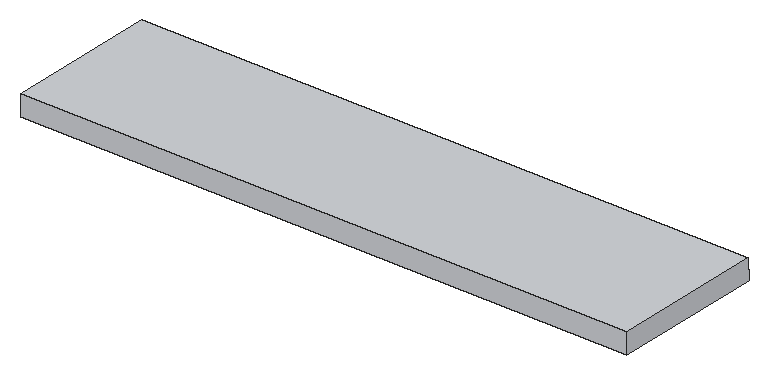
Revit family "1717_ TUPEX ELECTRIC_UQY", category Lighting Fixtures, host Face, Revit 2016
Family settings
  Host = Face
  Part Type = Normal
  Round Connector Dimension = Use Diameter
  Cut with Voids When Loaded = No
  Light Source = Yes
  Shared = No
  Room Calculation Point = Yes
Parameters
  width = 1200 mm
  volt = 220 V
  length = 150 mm
  depth = 20 mm
  Wattage = 35 W
  built-in parameter 1150110 = 1 (stored number, unit not read)
  built-in parameter 1114217 = 1 (stored number, unit not read)
  Tilt Angle = 60.00°
  built-in parameter 1150109 = 1 (stored number, unit not read)
  built-in parameter 1150134 = 3
  built-in parameter 1150113 = 1 (stored number, unit not read)
  Photometric Web File = "1717.IES"
  built-in parameter 1150105 = 309.16 (stored number, unit not read)
  Lumens = 3885 lm
  built-in parameter 1150115 = 1 (stored number, unit not read)
  built-in parameter 1150137 = (empty or 0)
  built-in parameter 1150139 = (empty or 0)
  built-in parameter 1150112 = 1 (stored number, unit not read)
  built-in parameter 1150114 = 1 (stored number, unit not read)
  built-in parameter 1150132 = (empty or 0)
  built-in parameter 1150102 = (empty or 0)
  built-in parameter 1150107 = 3200 (stored number, unit not read)
  built-in parameter 1150138 = (empty or 0)
  built-in parameter 1150106 = 3.0916 (stored number, unit not read)
  built-in parameter 1150104 = 10.312 (stored number, unit not read)
  Dimming Lamp Color Temperature Shift = (empty or 0)
  Default Elevation = 1219.2 mm
  Color Filter = 16777215
  built-in parameter 1114218 = 1 (stored number, unit not read)
  built-in parameter 1150133 = 10 (stored number, unit not read)
Reference planes
  plane 1 "Center (Front/Back)": y = 0
  plane 2: z = 0
  plane 3 "Center (Left/Right)": x = 0
  plane 4: x = 1200
  plane 5: y = -150
  plane 6: z = 20
  plane 7: z = -20
  plane 8: y = -300
  plane 9: x = 300
  plane 10: x = 600
Forms (mm)
  Extrusion 1, solid
    sketch origin (0, 0, 0) x (1, 0, 0) y (0, 0, 1)
      loop
        line (1200, 20) -> (0, 20) -> (0, -20) -> (1200, -20) -> (1200, 20)
    from 0 to 300
Dimensions and locks
  "width": plane 3 "Center (Left/Right)" to plane 4
  "length": plane 5 to plane 1 "Center (Front/Back)"
  "depth": level to plane 6
  plane 7 to level = 20 mm
  Extrusion 1 to Extrusion 1 = 300 mm
  aligned and locked: host face to plane 2
  aligned and locked: host face to level
Automatic sketch dimensions
  host sketch curve to host sketch curve = 4076.048 mm
  host sketch curve to host sketch curve = 2438.4 mm
  Extrusion 1 sketch curve to plane 6 = 0 mm
  Extrusion 1 sketch curve to plane 7 = 0 mm
  Extrusion 1 sketch curve to plane 3 "Center (Left/Right)" = 0 mm
  Extrusion 1 sketch curve to plane 4 = 0 mm
Connectors
  electrical at (600, 0, 0)
    settings: on Extrusion 1, index 1, voltage 0 V, apparent load 0 VA, apparent load phase1 0 VA, apparent load phase2 0 VA, apparent load phase3 0 VA, power factor 1, load classification "Other", number of poles 1, system type 31, power factor state 1, is connector primary yes, connector utility no, sub classification motor no, connector description ""
  electrical at (600, -150, 20), driven by "volt"
    settings: on Extrusion 1, index 2, voltage 220 V, apparent load 0 VA, apparent load phase1 40 VA, apparent load phase2 0 VA, apparent load phase3 0 VA, power factor 1, load classification "Other", number of poles 1, system type 31, power factor state 1, is connector primary no, connector utility no, sub classification motor no, connector description ""
